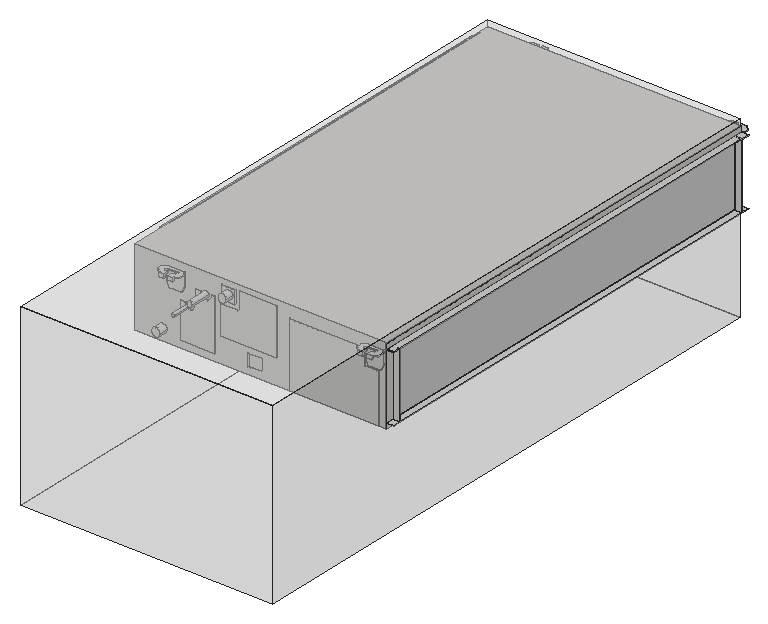
Revit family "outputfile", category 機械設備, Revit 2024
Family settings
  丸型コネクタ寸法 = 半径を使用
  パーツ タイプ = 標準
  OmniClass 番号 = 23.75.10.24.21.27.27
  OmniClass タイトル = Split System Air Conditioning Units
  作業面ベース = いいえ
  常に垂直 = はい
  ロード時にボイドで切り取り = いいえ
  注釈の向きを維持 = いいえ
  共有 = いいえ
  部屋計算ポイント = はい
Parameters (values of type "FXSA100AVM")
  製造元 = "Daikin"
  書き出し IFC クラス(タイプ) = "IfcUnitaryEquipmentType"
  定義済み IFC タイプ(タイプ) = "AIRCONDITIONINGUNIT"
  モデル = "FXSA100AVM"
  switch_frequency = yes
  r_Liquid Pipe Size = Liquid Pipe Size / 2  # 4.75 mm
  r_Gas Pipe Size = Gas Pipe Size / 2  # 7.95 mm
  r_Drain Pipe Size = Drain Pipe Size / 2  # 12.5 mm
  lw_power = 770.0 mm
  lh_SA = 138.0 mm
  lw_SA = if(Width = 550.0 mm, 225.0 mm, if(Width = 700.0 mm, 300.0 mm, if(Width = 1000.0 mm, 450.0 mm, if(Width = 1400.0 mm, 650.0 mm, 725.0 mm))))  # 650.0 mm
  lw_RA = if(Width = 550.0 mm, 275.0 mm, if(Width = 700.0 mm, 349.0 mm, if(Width = 1000.0 mm, 499.0 mm, if(Width = 1400.0 mm, 699.0 mm, 775.0 mm))))  # 699.0 mm
  lh_power = 60.0 mm + [h***]  # 60.0 mm
  lh_mountinghole1 = lh_mountinghole + [h***]  # 222.0 mm
  lh_RA = 123.0 mm
  ld_power = Width / 2  # 700.0 mm
  connector_voltage = Voltage_50Hz  # 220 V
  connector_powerinput = [Power Input (Cooling)]  # 0.151 kW
  connector_phase = Phase_50Hz  # 1
  Voltage_comment_60Hz = "220-230"
  Voltage_comment_50Hz = "220-240"
  Voltage_60Hz = 220 V
  Voltage_50Hz = 220 V
  Total Heating Capacity [instance] = 0.000 kW
  Supply Air Direction [instance] = yes
  Sound Power Level_H speed (dB) = 67
  Power Input (Heating) = 0.146 kW
  Phase_60Hz = 1
  Phase_50Hz = 1
  Nominal Heating Capacity = 12.500 kW
  Minimum External Static Pressure = 50.00 Pa
  Minimum Circuit Amps_60Hz = 2.5 A
  Minimum Circuit Amps_50Hz = 2.5 A
  Maximum Fuse Amps_60Hz = 16.0 A
  Maximum Fuse Amps_50Hz = 16.0 A
  Maximum External Static Pressure = 150.00 Pa
  Material_Casing = DAIKIN_GalvanizedSteel_Casing_indoorunit
  lw_mountinghole = 630.0 mm
  lh_gaspipe = 183.0 mm + [h***]  # 183.0 mm
  lh_mountinghole = 222.0 mm
  lh_liquidpipe = 136.0 mm + [h***]  # 136.0 mm
  lh_drainpipe = 207.0 mm + [h***]  # 207.0 mm
  lh_antena = Height - lh_mountinghole + 1.0 mm  # 24.0 mm
  ld_drainpipe = Width / 2 + 26.0 mm  # 726.0 mm
  ld_liquidpipe = 769.0 mm
  ld_gaspipe = Width / 2 + 65.0 mm  # 765.0 mm
  ld_mountinghole = Width + 38.0 mm  # 1438.0 mm
  h*** = 0.0 mm
  lw_liquidpipe = 179.0 mm
  lw_gaspipe = 229.0 mm
  lw_drainpipe = 300.0 mm
  Width = 1400.0 mm
  Version = "ver.1.0"
  Unit Type = "Duct_M.S.P."
  Unit Mass Weight = 46.00 kg
  Unit Designation [instance] = ""
  Uniclass2015Version = "Products v1.30"
  Uniclass2015Title = "Variable refrigerant flow units"
  Uniclass2015Code = "Pr_70_65_03_94"
  Total Cooling Capacity [instance] = 0.000 kW
  Sound Pressure Level_M speed (dBA) = 35
  Sound Pressure Level_L speed (dBA) = 32
  Sound Pressure Level_H speed (dBA) = 39
  Series = "VRV Fan Coil Unit"
  Sensible Cooling Capacity [instance] = 0.000 kW
  SA Duct Size Width = 1192.0 mm
  SA Duct Size Height = 176.0 mm
  Refrigerant Type = "R32"
  RA Duct Size Width = 1352.0 mm
  RA Duct Size Height = 208.0 mm
  Power Input (Cooling) = 0.151 kW
  Option Accessory 3 [instance] = ""
  Option Accessory 2 [instance] = ""
  Option Accessory 1 [instance] = ""
  Nominal Cooling Capacity = 11.200 kW
  Minimum Airflow = 1350.00 m³/h
  Median Airflow = 1620.00 m³/h
  Maximum Airflow = 1920.00 m³/h
  Load Classification = HVAC
  Liquid Pipe Size = 9.5 mm
  Link_Nested Family [instance] = ""
  IfcVersion = ""
  IfcExportType = "AIRCONDITIONINGUNIT"
  IfcExportAs = "IfcUnitaryEquipmentType"
  Height = 245.0 mm
  Heating Entering Wet Bulb Temperature [instance] = -273.15 °C
  Heating Entering Dry Bulb Temperature [instance] = -273.15 °C
  Heating Ambient Wet Bulb Temperature [instance] = -273.15 °C
  Heating Ambient Dry Bulb Temperature [instance] = -273.15 °C
  Heat Exchanger Type = "Cross Fin Coil"
  Gas Pipe Size = 15.9 mm
  Frequency_60Hz = 60 Hz
  Frequency_50Hz = 50 Hz
  Fan Type = "Sirocco Fan"
  Fan Drive = "Direct Drive"
  FCU Tag No. [instance] = ""
  Drain Pipe Size = 25.0 mm
  Design Supply Airflow [instance] = 0.00 m³/h
  Design Return Airflow [instance] = 0.00 m³/h
  Design External Static Pressure [instance] = 0.00 Pa
  Depth = 800.0 mm
  既定の高さ = 0.0 mm
  Cooling Entering Wet Bulb Temperature [instance] = 0.00 °C
  Cooling Entering Dry Bulb Temperature [instance] = 0.00 °C
  Cooling Ambient Wet Bulb Temperature [instance] = 0.00 °C
  Cooling Ambient Dry Bulb Temperature [instance] = 0.00 °C
  Clearance visibility [instance] = yes
  Clearance Top = 20.0 mm
  Clearance Right = 0.0 mm
  Clearance Rear = 0.0 mm
  Clearance Left = 0.0 mm
  Clearance Front = 450.0 mm
  Clearance Bottom = 300.0 mm
Reference planes
  plane 1 "Center (Front/Back)": y = 0
  plane 2 "h": z = 0
  plane 3 "Center (Left/Right)": x = 0
  plane 4 "Back": y = 700
  plane 5 "Front": y = -700
  plane 6 "Left": x = -400
  plane 7 "Right": x = 400
  plane 8 "Top": z = 0
  plane 9 "Bottom": z = -245
  plane 10: y = -215
  plane 11: y = 700
  plane 12: y = -1150
  plane 13: x = -400
  plane 14: x = 400
  plane 15: z = 20
  plane 16: z = -545
  plane 17: x = -400
  plane 18: x = -399
  plane 19: x = 399
  plane 20: y = 50
  plane 21: y = -1
  plane 22: z = -122
  plane 23: y = -701
  plane 24: z = -109
  plane 25: x = -221
  plane 26: y = -765
  plane 27: z = -62
  plane 28: x = -171
  plane 29: y = -726
  plane 30: z = -38
  plane 31: x = -100
  plane 32: x = -100
  plane 33: x = -221
  plane 34: x = -171
  plane 35: x = 370
  plane 36: x = -266
  plane 37: x = 364
  plane 38: y = -719
  plane 39: y = 719
  plane 40: z = -23
  plane 41: z = -107
  plane 42: y = -769
  plane 43: z = -207
  plane 44: x = -309
  plane 45: y = -376
  plane 46: x = -251
  plane 47: x = -203
  plane 48: x = -144
  plane 49: z = -59
  plane 50: z = -106
  plane 51: z = -221
  plane 52: z = -109
  plane 53: x = -221
  plane 54: z = -62
  plane 55: x = -171
  plane 56: z = -17
  plane 57: z = -59
  plane 58: x = -121
  plane 59: x = -79
  plane 60: x = -125
  plane 61: x = -64
  plane 62: x = 53
  plane 63: z = -164
  plane 64: z = -73
  plane 65: z = -16
  plane 66: x = 93.5
  plane 67: x = 374.5
  plane 68: x = 330
  plane 69: z = -88.5
  plane 70: z = -38
  plane 71: z = -242.5
  plane 72: x = -38.5
  plane 73: x = 6.5
  plane 74: z = -181
  plane 75: z = -221
  plane 76: y = -699
  plane 77: x = -424
  plane 78: x = 424
Forms (mm)
  Extrusion 1, solid, material "DAIKIN_GalvanizedSteel_Casing_indoorunit" <- "Material_Casing"
    sketch origin (0, 0, 0) x (1, 0, 0) y (0, 1, 0)
      loop
        line (-399, 700) -> (-399, -700) -> (399, -700) -> (399, 700) -> (-399, 700)
    from -245 to 0
  Extrusion 2, solid, material "DAIKIN_GalvanizedSteel_Casing_indoorunit" <- "Material_Casing"
    sketch origin (0, 0, 0) x (1, 0, 0) y (0, 0, 1)
      loop
        line (-251, -221) -> (-144, -221) -> (-144, -59) -> (-154.47, -59)
        arc (-154.47, -59) -> (-171, -78.8) -> (-187.53, -59) r 16.8
        line (-187.53, -59) -> (-203, -59) -> (-203, -106) -> (-206.916, -106)
        arc (-206.916, -106) -> (-221, -123.4) -> (-235.084, -106) r 14.4
        line (-235.084, -106) -> (-251, -106) -> (-251, -221)
    from 700 to 701
  Extrusion 3, solid, material "DAIKIN_GalvanizedSteel_Casing_indoorunit" <- "Material_Casing"
    sketch origin (0, 0, 0) x (1, 0, 0) y (0, 0, 1)
      loop
        line (-121, -17) -> (-121, -59) -> (-79, -59) -> (-79, -17) -> (-121, -17)
      loop
        line (-125, -73) -> (-125, -164) -> (53, -164) -> (53, -16) -> (-64, -16) -> (-64, -73) -> (-125, -73)
    from 700 to 701
  Extrusion 4, solid, material "DAIKIN_GalvanizedSteel_Casing_indoorunit" <- "Material_Casing"
    sketch origin (0, 0, 0) x (1, 0, 0) y (0, 0, 1)
      loop
        line (93.5, -38) -> (93.5, -242.5) -> (374.5, -242.5) -> (374.5, -88.5) -> (330, -88.5) -> (330, -38) -> (93.5, -38)
    from 700 to 701
  Extrusion 5, solid, material "DAIKIN_GalvanizedSteel_Casing_indoorunit" <- "Material_Casing"
    sketch origin (0, 0, 0) x (1, 0, 0) y (0, 0, 1)
      loop
        circle (-221, -109) r 4.75
    from 700 to 769
  Extrusion 6, solid, material "DAIKIN_GalvanizedSteel_Casing_indoorunit" <- "Material_Casing"
    sketch origin (0, 0, 0) x (1, 0, 0) y (0, 0, 1)
      loop
        circle (-171, -62) r 7.95
    from 700 to 765
  Extrusion 7, solid, material "DAIKIN_GalvanizedSteel_Casing_indoorunit" <- "Material_Casing"
    sketch origin (0, 0, 0) x (1, 0, 0) y (0, 0, 1)
      loop
        circle (-100, -38) r 12.5
    from 701 to 726
  Extrusion 8, solid, material "DAIKIN_GalvanizedSteel_Casing_indoorunit" <- "Material_Casing"
    sketch origin (0, 0, 0) x (1, 0, 0) y (0, 0, 1)
      loop
        circle (-309, -207) r 13
    from 700 to 726
  Extrusion 9, void
    sketch origin (0, 0, 0) x (1, 0, 0) y (0, 0, 1)
      loop
        line (-38.5, -181) -> (-38.5, -221) -> (6.5, -221) -> (6.5, -181) -> (-38.5, -181)
    from 699 to 700
Cuts and joins
  Extrusion 9 cuts Extrusion 1
Dimensions and locks
  "Height": plane 8 "Top" to plane 9 "Bottom"
  equal spacing: plane 4 "Back", plane 1 "Center (Front/Back)", plane 5 "Front"
  "Width": plane 4 "Back" to plane 5 "Front"
  equal spacing: plane 6 "Left", plane 3 "Center (Left/Right)", plane 7 "Right"
  "Depth": plane 6 "Left" to plane 7 "Right"
  "Clearance Left": plane 13 to plane 6 "Left"
  "Clearance Right": plane 7 "Right" to plane 14
  "Clearance Rear": plane 11 to plane 4 "Back"
  "Clearance Front": plane 5 "Front" to plane 12
  "Clearance Top": plane 15 to plane 8 "Top"
  "Clearance Bottom": plane 9 "Bottom" to plane 16
  locked: plane 17 to plane 18 at 1
  locked: plane 19 to plane 14 at 1
  "lw_SA": plane 11 to plane 20
  "lw_RA": plane 21 to plane 5 "Front"
  "lh_RA": plane 22 to plane 9 "Bottom"
  locked: plane 5 "Front" to plane 23 at 1
  "lw_liquidpipe": plane 25 to plane 6 "Left"
  "lh_liquidpipe": plane 24 to plane 9 "Bottom"
  "lh_gaspipe": plane 27 to plane 9 "Bottom"
  "lw_gaspipe": plane 28 to plane 6 "Left"
  "ld_gaspipe": plane 26 to plane 1 "Center (Front/Back)"
  "ld_drainpipe": plane 29 to plane 1 "Center (Front/Back)"
  "lh_drainpipe": plane 30 to plane 9 "Bottom"
  "lw_drainpipe": plane 31 to plane 6 "Left"
  "lw_drainpipe": plane 6 "Left" to plane 32
  "lw_liquidpipe": plane 6 "Left" to plane 33
  "lw_gaspipe": plane 6 "Left" to plane 34
  "lw_power": plane 6 "Left" to plane 35
  locked: plane 17 to plane 36 at 134
  "lw_mountinghole": plane 36 to plane 37
  equal spacing: plane 38, plane 1 "Center (Front/Back)", plane 39
  "ld_mountinghole": plane 39 to plane 38
  "lh_mountinghole": plane 40 to plane 9 "Bottom"
  "lh_SA": plane 41 to plane 9 "Bottom"
  locked: plane 44 to plane 6 "Left" at 91
  locked: plane 43 to plane 9 "Bottom" at 38
  plane 48 to plane 47 to plane 46 to plane 6 "Left" = 59.0 mm, 48.0 mm, 149.0 mm
  plane 8 "Top" to plane 49 to plane 50 to plane 51 = 59.0 mm locked, 47.0 mm locked, 115.0 mm locked
  plane 55 to plane 53 to plane 6 "Left" = 50.0 mm locked, 179.0 mm locked
  plane 54 to plane 52 to plane 9 "Bottom" = 47.0 mm locked, 136.0 mm locked
  plane 59 to plane 58 to plane 6 "Left" = 42.0 mm locked, 279.0 mm locked
  plane 8 "Top" to plane 56 to plane 57 = 17.0 mm locked, 42.0 mm locked
  plane 62 to plane 61 to plane 60 to plane 6 "Left" = 117.0 mm, 61.0 mm, 275.0 mm
  plane 8 "Top" to plane 65 to plane 64 = 16.0 mm locked, 57.0 mm locked
  locked: plane 65 to plane 63 at 148
  plane 8 "Top" to plane 70 to plane 69 to plane 71 = 38.0 mm locked, 50.5 mm locked, 154.0 mm locked
  plane 67 to plane 68 to plane 66 to plane 6 "Left" = 44.5 mm locked, 236.5 mm locked, 493.5 mm locked
  plane 8 "Top" to plane 74 to plane 75 = 181.0 mm locked, 40.0 mm locked
  plane 73 to plane 72 to plane 6 "Left" = 45.0 mm, 361.5 mm
  locked: plane 76 to plane 5 "Front" at 1
  locked: plane 77 to plane 17 at 24
  locked: plane 14 to plane 78 at 24
  "ld_liquidpipe": plane 42 to plane 1 "Center (Front/Back)"
  "r_Liquid Pipe Size": radius of Extrusion 5 sketch curve
  "r_Gas Pipe Size": radius of Extrusion 6 sketch curve
  "r_Drain Pipe Size": radius of Extrusion 7 sketch curve
  aligned and locked: level to plane 2 "h"
  aligned and locked: plane 8 "Top" to Extrusion 1
  aligned and locked: Extrusion 1 to plane 9 "Bottom"
  aligned and locked: nested 5 to plane 12
  aligned and locked: plane 13 to nested 5
  aligned and locked: plane 14 to nested 5
  aligned and locked: nested 5 to plane 13
  aligned and locked: plane 11 to nested 5
  aligned and locked: plane 15 to nested 5
  aligned and locked: plane 16 to nested 5
  aligned and locked: plane 5 "Front" to Extrusion 1 sketch curve
  aligned and locked: Extrusion 1 to plane 18
  aligned and locked: plane 19 to Extrusion 1
  aligned and locked: nested 7 to plane 18
  aligned and locked: nested 7 to plane 20
  aligned and locked: plane 19 to nested 8
  aligned and locked: plane 21 to nested 8
  aligned and locked: plane 22 to nested 8
  aligned and locked: Extrusion 2 to plane 23
  aligned and locked: plane 5 "Front" to Extrusion 2
  aligned and locked: Extrusion 3 to plane 23
  aligned and locked: plane 5 "Front" to Extrusion 3
  aligned and locked: plane 5 "Front" to Extrusion 4
  aligned and locked: Extrusion 5 sketch curve to plane 25
  aligned and locked: plane 24 to Extrusion 5 sketch curve
  aligned and locked: plane 5 "Front" to Extrusion 5
  aligned and locked: Extrusion 6 sketch curve to plane 28
  aligned and locked: plane 27 to Extrusion 6 sketch curve
  aligned and locked: plane 5 "Front" to Extrusion 6
  aligned and locked: Extrusion 7 sketch curve to plane 31
  aligned and locked: Extrusion 7 sketch curve to plane 30
  aligned and locked: Extrusion 7 to plane 29
  aligned and locked: plane 23 to Extrusion 7
  aligned and locked: nested 3 to plane 29
  aligned and locked: nested 3 to plane 32
  aligned and locked: nested 2 to plane 33
  aligned and locked: nested 1 to plane 34
  aligned and locked: Extrusion 6 to plane 26
  aligned and locked: nested 1 to plane 26
  aligned and locked: nested 6 to plane 5 "Front"
  aligned and locked: nested 6 to plane 35
  aligned and locked: plane 36 to nested 10
  aligned and locked: nested 10 to plane 5 "Front"
  aligned and locked: plane 37 to nested 9
  aligned and locked: nested 9 to plane 5 "Front"
  aligned and locked: nested 11 to plane 36
  aligned and locked: plane 4 "Back" to nested 11
  aligned and locked: nested 12 to plane 37
  aligned and locked: plane 4 "Back" to nested 12
  aligned and locked: plane 40 to nested 10
  aligned and locked: plane 40 to nested 11
  aligned and locked: plane 40 to nested 9
  aligned and locked: plane 40 to nested 12
  aligned and locked: plane 36 to nested 14
  aligned and locked: nested 14 to plane 39
  aligned and locked: plane 37 to nested 13
  aligned and locked: nested 13 to plane 39
  aligned and locked: plane 37 to nested 16
  aligned and locked: plane 38 to nested 16
  aligned and locked: plane 38 to nested 15
  aligned and locked: plane 36 to nested 15
  aligned and locked: plane 17 to plane 6 "Left"
  aligned and locked: plane 41 to nested 7
  aligned and locked: Extrusion 5 to plane 42
  aligned and locked: nested 2 to plane 42
  aligned and locked: Extrusion 8 sketch curve to plane 44
  aligned and locked: plane 43 to Extrusion 8 sketch curve
  aligned and locked: plane 5 "Front" to Extrusion 8
  aligned and locked: Extrusion 3 sketch curve to plane 56
  aligned and locked: Extrusion 3 sketch curve to plane 58
  aligned and locked: plane 57 to Extrusion 3 sketch curve
  aligned and locked: plane 59 to Extrusion 3 sketch curve
  aligned and locked: Extrusion 4 to plane 23
  aligned and locked: Extrusion 9 sketch curve to plane 74
  aligned and locked: plane 75 to Extrusion 9 sketch curve
  aligned and locked: plane 73 to Extrusion 9 sketch curve
  aligned and locked: plane 5 "Front" to Extrusion 9
  aligned and locked: plane 76 to Extrusion 9
  aligned and locked: nested 17 to plane 20
  aligned and locked: nested 17 to plane 77
  aligned and locked: plane 21 to nested 18
  aligned and locked: plane 78 to nested 18
  aligned and locked: plane 41 to nested 17
  aligned and locked: nested 18 to plane 22
  aligned and locked: nested 4 to plane 3 "Center (Left/Right)"
  aligned and locked: plane 1 "Center (Front/Back)" to nested 4
  aligned and locked: level to plane 8 "Top"
  aligned and locked: Extrusion 8 to plane 29
Automatic sketch dimensions
  plane 6 "Left" to Extrusion 1 sketch curve = 1.0 mm
  Extrusion 1 sketch curve to plane 7 "Right" = 1.0 mm
  Extrusion 1 sketch curve to plane 4 "Back" = 0.0 mm
  Extrusion 2 sketch curve to plane 46 = 0.0 mm
  Extrusion 2 sketch curve to plane 33 = 0.0 mm
  Extrusion 2 sketch curve to plane 47 = 0.0 mm
  Extrusion 2 sketch curve to plane 34 = 0.0 mm
  Extrusion 2 sketch curve to plane 48 = 0.0 mm
  Extrusion 2 sketch curve to plane 51 = 0.0 mm
  Extrusion 2 sketch curve to plane 52 = 0.0 mm
  Extrusion 2 sketch curve to plane 50 = 0.0 mm  (x3)
  Extrusion 2 sketch curve to plane 54 = 0.0 mm
  Extrusion 2 sketch curve to plane 49 = 0.0 mm  (x3)
  plane 33 to Extrusion 2 sketch curve = 14.084 mm
  plane 34 to Extrusion 2 sketch curve = 16.53 mm
  Extrusion 3 sketch curve to plane 60 = 0.0 mm
  Extrusion 3 sketch curve to plane 61 = 0.0 mm
  Extrusion 3 sketch curve to plane 62 = 0.0 mm
  Extrusion 3 sketch curve to plane 63 = 0.0 mm
  Extrusion 3 sketch curve to plane 64 = 0.0 mm
  Extrusion 3 sketch curve to plane 65 = 0.0 mm
  Extrusion 4 sketch curve to plane 66 = 0.0 mm
  Extrusion 4 sketch curve to plane 68 = 0.0 mm
  Extrusion 4 sketch curve to plane 67 = 0.0 mm
  Extrusion 4 sketch curve to plane 71 = 0.0 mm
  Extrusion 4 sketch curve to plane 69 = 0.0 mm
  Extrusion 4 sketch curve to plane 70 = 0.0 mm
  Extrusion 9 sketch curve to plane 72 = 0.0 mm
  radius of Extrusion 8 sketch curve = 13.0 mm
Nested families
  nested 1: "daikin_connector_rotate2" at (-171, 0, -62), length <- "ld_gaspipe", built-in parameter 1001364 <- "lh_gaspipe", radius <- "r_Gas Pipe Size", type "daikin_connector_rotate2"
    with radius 7.95 mm, length 765.0 mm, angle_vertical 90.00°
  nested 2: "daikin_connector_rotate2" at (-221, 0, -109), length <- "ld_liquidpipe", built-in parameter 1001364 <- "lh_liquidpipe", radius <- "r_Liquid Pipe Size", type "daikin_connector_rotate2"
    with radius 4.75 mm, length 769.0 mm, angle_vertical 90.00°
  nested 3: "daikin_connector_rotate2" at (-100, 0, -38), length <- "ld_drainpipe", built-in parameter 1001364 <- "lh_drainpipe", radius <- "r_Drain Pipe Size", type "daikin_connector_rotate2"
    with radius 12.5 mm, length 726.0 mm, angle_vertical 90.00°
  nested 4: "daikin_△_symbolicline" at (0, 0, 245) x (0, -1, 0) z (0, 0, 1), built-in parameter 1001364 <- "Height", visible <- "Supply Air Direction", type "daikin_△_symbolicline"
    with length 200.0 mm
  nested 5: "daikin_clearancespace" at (0, -225, -262.381), visible <- "Clearance visibility", show <- "Clearance visibility", Link_Nested Family <- "Link_Nested Family", type "daikin_clearancespace"
    with width 800.0 mm, show yes, height 565.0 mm, depth 1850.0 mm, Link_Nested Family ""
  nested 6: "daikin_connector_rotate2" at (370, 0, -185), built-in parameter 1001364 <- "lh_power", length <- "ld_power", type "daikin_connector_rotate2"
    with radius 10.0 mm, length 700.0 mm, angle_vertical 90.00°
  nested 7: "daikin_ductflange_FXSA-AVM2" at (-399, 50, -107) x (0, -1, 0) z (0, 0, 1), type "daikin_ductflange_FXSA-AVM2"
    with width 1192.0 mm, w 1400.0 mm
  nested 8: "daikin_ductflange_FXSA-AVM" at (399, -1, -122) x (0, 1, 0) z (0, 0, 1), type "daikin_ductflange_FXSA-AVM"
    with width 1352.0 mm, lw 25.0 mm, w 1400.0 mm
  nested 9: "FXFSA-AVM" at (364, -700, -23), type "daikin_hangerfixture_FXFSA-AVM"
  nested 10: "FXFSA-AVM" at (-266, -700, -23), type "daikin_hangerfixture_FXFSA-AVM"
  nested 11: "FXFSA-AVM" at (-266, 700, -23) x (-1, 0, 0) z (0, 0, 1), type "daikin_hangerfixture_FXFSA-AVM"
  nested 12: "FXFSA-AVM" at (364, 700, -23) x (-1, 0, 0) z (0, 0, 1), type "daikin_hangerfixture_FXFSA-AVM"
  nested 13: "daikin_mountinghole" at (364, 719, -245), h_mountinghole <- "lh_mountinghole1", l_antenna <- "lh_antena", Link_Nested Family <- "Link_Nested Family", type "daikin_mountinghole"
    with show yes, l_antenna 24.0 mm, h_mountinghole 222.0 mm, Link_Nested Family ""
  nested 14: "daikin_mountinghole" at (-266, 719, -245), h_mountinghole <- "lh_mountinghole1", l_antenna <- "lh_antena", Link_Nested Family <- "Link_Nested Family", type "daikin_mountinghole"
    with show yes, l_antenna 24.0 mm, h_mountinghole 222.0 mm, Link_Nested Family ""
  nested 15: "daikin_mountinghole" at (-266, -719, -245), h_mountinghole <- "lh_mountinghole1", l_antenna <- "lh_antena", Link_Nested Family <- "Link_Nested Family", type "daikin_mountinghole"
    with show yes, l_antenna 24.0 mm, h_mountinghole 222.0 mm, Link_Nested Family ""
  nested 16: "daikin_mountinghole" at (364, -719, -245), h_mountinghole <- "lh_mountinghole1", l_antenna <- "lh_antena", Link_Nested Family <- "Link_Nested Family", type "daikin_mountinghole"
    with show yes, l_antenna 24.0 mm, h_mountinghole 222.0 mm, Link_Nested Family ""
  nested 17: "daikin_connector_rotate2" at (-400, 50, -107) x (0, -1, 0) z (0, 0, 1), type "daikin_connector_rotate2"
    with radius 10.0 mm, length 24.0 mm, angle_vertical 90.00°
  nested 18: "daikin_connector_rotate2" at (400, -1, -122) x (0, 1, 0) z (0, 0, 1), type "daikin_connector_rotate2"
    with radius 10.0 mm, length 24.0 mm, angle_vertical 90.00°
Connectors
  piping at (-100, -726, -38), diameter 25, driven by "r_Drain Pipe Size"
    settings: on nested 3, index 3, connector inside diameter 609.6 mm, connector length 0.0 mm, flow factor 0, pipe flow 0.00 m³/h, pressure drop 0.0 Pa, fitting loss kfactor 0, connector angle 0.00°, fixture units 0, engagement length 0.0 mm, angle of deflection 0.00°, flow configuration 1, flow direction 2, fitting loss method 4, system type 16, joint type 0, gender type 0, connector reference index -1, connector utility 0, adjustable connector no, is connector primary yes, connector description "Condensate Drain Piping"
  piping at (-171, -765, -62), diameter 15.9, driven by "r_Gas Pipe Size"
    settings: on nested 1, index 4, connector inside diameter 609.6 mm, connector length 0.0 mm, flow factor 0, pipe flow 0.00 m³/h, pressure drop 0.0 Pa, fitting loss kfactor 0, connector angle 0.00°, fixture units 0, engagement length 0.0 mm, angle of deflection 0.00°, flow configuration 1, flow direction 2, fitting loss method 0, system type 29, joint type 0, gender type 0, connector reference index -1, connector utility 0, adjustable connector no, is connector primary no, connector description "Refrigerant Gas Piping"
  piping at (-221, -769, -109), diameter 9.5, driven by "r_Liquid Pipe Size"
    settings: on nested 2, index 5, connector inside diameter 609.6 mm, connector length 0.0 mm, flow factor 0, pipe flow 0.00 m³/h, pressure drop 0.0 Pa, fitting loss kfactor 0, connector angle 0.00°, fixture units 0, engagement length 0.0 mm, angle of deflection 0.00°, flow configuration 1, flow direction 1, fitting loss method 0, system type 29, joint type 0, gender type 0, connector reference index -1, connector utility 0, adjustable connector no, is connector primary no, connector description "Refrigerant Liquid Piping"
  electrical at (370, -700, -185), driven by "Load Classification", driven by "connector_voltage", driven by "connector_phase", driven by "connector_powerinput"
    settings: on nested 6, index 6, voltage 220 V, apparent load 151 VA, apparent load phase1 0 VA, apparent load phase2 0 VA, apparent load phase3 0 VA, power factor 1, load classification "HVAC", number of poles 1, system type 30, power factor state 1, is connector primary yes, connector utility no, sub classification motor no, connector description "Power Supply"
  hvac at (-424, 50, -107), driven by "SA Duct Size Height", driven by "SA Duct Size Width"
    settings: on nested 17, index 7, duct flow 0.00 m³/h, flow factor 0, pres drop 0.00 Pa, loss coef 0, conn angle 0.00°, conn width 1192.0 mm, conn height 176.0 mm, conn diameter 609.6 mm, duct sys type 1, conn prof type 1, flow config 0, flow direction 2, loss method 4, conn ref index -1, conn util no, is conn primary yes, conn desc "SA Duct"
  hvac at (424, -1, -122), driven by "RA Duct Size Height", driven by "RA Duct Size Width"
    settings: on nested 18, index 8, duct flow 0.00 m³/h, flow factor 0, pres drop 0.00 Pa, loss coef 0, conn angle 0.00°, conn width 1352.0 mm, conn height 208.0 mm, conn diameter 609.6 mm, duct sys type 2, conn prof type 1, flow config 0, flow direction 1, loss method 4, conn ref index -1, conn util no, is conn primary no, conn desc "RA Duct"
Definition of nested family "daikin_clearancespace"
  Parameters (values of type "daikin_clearancespace")
    Description = "daikin_clearancespace"
    width [instance] = 1823.963 mm
    show [instance] = yes
    material = none
    height [instance] = 1359.762 mm
    depth [instance] = 880.0 mm
    Default Elevation = 0.0 mm
    Link_Nested Family [instance] = ""
  Reference planes
    plane 1 "Center (Front/Back)": y = 0
    plane 2 "Center (Elevation)": z = -0.119
    plane 3 "Center (Left/Right)": x = 0
    plane 4: y = 440
    plane 5: y = -440
    plane 6 "Right": x = 911.982
    plane 7 "Left": x = -911.982
    plane 8 "Top": z = 679.762
    plane 9 "Bottom": z = -680
  Forms (mm)
    Extrusion 1, solid, material <- "material", visible <- "show"
      sketch origin (0, 0, 0) x (1, 0, 0) y (0, 1, 0)
        loop
          line (-911.982, 440) -> (-911.982, -440) -> (911.982, -440) -> (911.982, 440) -> (-911.982, 440)
      from -680 to 679.762
  Lines and regions (mm)
    symbolic lines, visible <- "show"
      curve 1: line (911.982, 440, 0) -> (-911.982, 440, 0)
      curve 2: line (-911.982, 440, 0) -> (-911.982, -440, 0)
      curve 3: line (-911.982, -440, 0) -> (911.982, -440, 0)
      curve 4: line (911.982, -440, 0) -> (911.982, 440, 0)
      curve 5: line (911.982, 0, 679.762) -> (-911.982, 0, 679.762)
      curve 6: line (911.982, 0, -680) -> (911.982, 0, 679.762)
      curve 7: line (-911.982, 0, -680) -> (911.982, 0, -680)
      curve 8: line (-911.982, 0, 679.762) -> (-911.982, 0, -680)
      curve 9: line (0, 440, 679.762) -> (0, -440, 679.762)
      curve 10: line (0, -440, 679.762) -> (0, -440, -680)
      curve 11: line (0, 440, -680) -> (0, 440, 679.762)
      curve 12: line (0, -440, -680) -> (0, 440, -680)
  Dimensions and locks
    "width": plane 7 "Left" to plane 6 "Right"
    "depth": plane 4 to plane 5
    "height": plane 8 "Top" to plane 9 "Bottom"
    equal spacing: plane 7 "Left", plane 3 "Center (Left/Right)", plane 6 "Right"
    equal spacing: plane 4, plane 1 "Center (Front/Back)", plane 5
    equal spacing: plane 8 "Top", plane 2 "Center (Elevation)", plane 9 "Bottom"
    aligned and locked: level to plane 2 "Center (Elevation)"
    aligned and locked: Extrusion 1 sketch curve to plane 4
    aligned and locked: plane 7 "Left" to Extrusion 1 sketch curve
    aligned and locked: Extrusion 1 sketch curve to plane 5
    aligned and locked: Extrusion 1 sketch curve to plane 6 "Right"
    aligned and locked: plane 8 "Top" to Extrusion 1
    aligned and locked: curve 1 to Extrusion 1
    aligned and locked: curve 2 to Extrusion 1
    aligned and locked: curve 3 to Extrusion 1
    aligned and locked: curve 4 to Extrusion 1
    aligned and locked: curve 5 to Extrusion 1
    aligned and locked: curve 6 to Extrusion 1
    aligned and locked: curve 7 to Extrusion 1
    aligned and locked: curve 8 to Extrusion 1
    aligned and locked: curve 9 to Extrusion 1
    aligned and locked: curve 10 to Extrusion 1
    aligned and locked: curve 11 to Extrusion 1
    aligned and locked: curve 12 to Extrusion 1
    aligned and locked: Extrusion 1 to plane 9 "Bottom"
Definition of nested family "daikin_ductflange_FXSA-AVM2"
  Parameters (values of type "daikin_ductflange_FBA-BVMA2")
    width = if(w = 550.0 mm, 337.0 mm, if(w = 700.0 mm, 492.0 mm, if(w = 1000.0 mm, 792.0 mm, if(w = 1400.0 mm, 1192.0 mm, 1337.0 mm))))  # 492.0 mm
    w1 = if(w = 550.0 mm, 24.0 mm, if(w = 700.0 mm, 21.5 mm, if(w = 1000.0 mm, 21.5 mm, if(w = 1400.0 mm, 21.5 mm, 24.0 mm))))  # 21.5 mm
    material = none
    height = 215.0 mm
    depth = 1.0 mm
    w = 700.0 mm
    Default Elevation = 0.0 mm
  Reference planes
    plane 1 "Center (Front/Back)": y = 0
    plane 2: z = 0
    plane 3 "Center (Left/Right)": x = 0
    plane 4: z = 88
    plane 5: z = -88
    plane 6: y = -25
    plane 7: z = 106
    plane 8: z = 89
    plane 9: y = -1
    plane 10: x = -267.5
    plane 11: x = 267.5
    plane 12: z = -106
    plane 13: z = -89
    plane 14: y = -1
    plane 15: x = 246
    plane 16: x = -246
    plane 17: x = 247
    plane 18: z = 87
    plane 19: z = -87
    plane 20: x = -247
    plane 21: z = 87
    plane 22: z = -87
    plane 23: y = -1
  Forms (mm)
    Extrusion 1, solid, material <- "material"
      sketch origin (0, 0, 0) x (0, 1, 0) y (0, 0, 1)
        loop
          line (-25, 88) -> (0, 88) -> (0, 106) -> (-1, 106) -> (-1, 89) -> (-25, 89) -> (-25, 88)
      from -267.5 to 267.5
    Extrusion 2, solid, material <- "material"
      sketch origin (0, 0, 0) x (0, 1, 0) y (0, 0, 1)
        loop
          line (-25, -88) -> (-25, -89) -> (-1, -89) -> (-1, -106) -> (0, -106) -> (0, -88) -> (-25, -88)
      from -267.5 to 267.5
    Extrusion 3, solid, material <- "material"
      sketch origin (0, 0, 0) x (1, 0, 0) y (0, 0, 1)
        loop
          line (246, 88) -> (246, -88) -> (267.5, -88) -> (267.5, -87) -> (247, -87) -> (247, 87) -> (267.5, 87) -> (267.5, 88) -> (246, 88)
      from 0 to 25
    Extrusion 4, solid, material <- "material"
      sketch origin (0, 0, 0) x (1, 0, 0) y (0, 0, 1)
        loop
          line (-267.5, 88) -> (-267.5, 87) -> (-247, 87) -> (-247, -87) -> (-267.5, -87) -> (-267.5, -88) -> (-246, -88) -> (-246, 88) -> (-267.5, 88)
      from 0 to 25
    Extrusion 5, solid, material <- "material"
      sketch origin (0, 0, 0) x (1, 0, 0) y (0, 0, 1)
        loop
          line (-267.5, 88) -> (-267.5, -88) -> (-246, -88) -> (-246, 88) -> (-267.5, 88)
        loop
          line (267.5, 88) -> (246, 88) -> (246, -88) -> (267.5, -88) -> (267.5, 88)
      from 0 to 1
  Cuts and joins
    joined: Extrusion 1, Extrusion 2, Extrusion 3, Extrusion 4, Extrusion 5
  Dimensions and locks
    plane 4 to level to plane 5 = 88.0 mm, 88.0 mm
    locked: plane 6 to plane 1 "Center (Front/Back)" at 25
    locked: plane 9 to plane 1 "Center (Front/Back)" at 1
    locked: plane 8 to plane 4 at 1
    "w1": plane 16 to plane 10
    locked: plane 17 to plane 15 at 1
    locked: plane 4 to plane 18 at 1
    locked: plane 19 to plane 5 at 1
    "width": plane 15 to plane 16
    plane 4 to plane 5 = 176.0 mm
    locked: plane 16 to plane 20 at 1
    locked: plane 4 to plane 21 at 1
    locked: plane 22 to plane 5 at 1
    locked: plane 23 to plane 1 "Center (Front/Back)" at 1
    plane 4 to level to plane 5 = 88.0 mm locked, 88.0 mm locked
    locked: plane 5 to plane 13 at 1
    locked: plane 5 to plane 12 at 18
    locked: plane 7 to plane 4 at 18
    equal spacing: plane 15, plane 3 "Center (Left/Right)", plane 16
    "w1": plane 11 to plane 15
    plane 11 to plane 10 = 535.0 mm
    aligned and locked: level to plane 2
    aligned and locked: Extrusion 1 to plane 10
    aligned and locked: plane 11 to Extrusion 1
    aligned and locked: plane 5 to Extrusion 2
    aligned and locked: Extrusion 2 to plane 1 "Center (Front/Back)"
    aligned and locked: plane 15 to Extrusion 3 sketch curve
    aligned and locked: Extrusion 3 sketch curve to Extrusion 2  (x2)
    aligned and locked: Extrusion 3 sketch curve to plane 11
    aligned and locked: plane 6 to Extrusion 3
    aligned and locked: Extrusion 2 to plane 10
    aligned and locked: plane 11 to Extrusion 2
    aligned and locked: Extrusion 4 sketch curve to Extrusion 1  (x2)
    aligned and locked: plane 5 to Extrusion 4 sketch curve
    aligned and locked: Extrusion 4 sketch curve to plane 16
    aligned and locked: Extrusion 4 sketch curve to plane 22
    aligned and locked: plane 20 to Extrusion 4 sketch curve
    aligned and locked: plane 21 to Extrusion 4 sketch curve
    aligned and locked: Extrusion 4 to plane 1 "Center (Front/Back)"
    aligned and locked: plane 6 to Extrusion 4
    aligned and locked: Extrusion 5 sketch curve to Extrusion 1  (x4)
    aligned and locked: Extrusion 5 sketch curve to Extrusion 4  (x2)
    aligned and locked: Extrusion 5 sketch curve to Extrusion 3  (x2)
    aligned and locked: Extrusion 5 to plane 1 "Center (Front/Back)"
    aligned and locked: plane 23 to Extrusion 5
  Automatic sketch dimensions
    Extrusion 1 sketch curve to plane 6 = 0.0 mm
    Extrusion 1 sketch curve to plane 7 = 0.0 mm
    Extrusion 1 sketch curve to plane 9 = 0.0 mm
    Extrusion 1 sketch curve to plane 1 "Center (Front/Back)" = 0.0 mm
    Extrusion 1 sketch curve to plane 4 = 0.0 mm
    Extrusion 1 sketch curve to plane 8 = 0.0 mm
    Extrusion 2 sketch curve to plane 6 = 0.0 mm
    plane 12 to Extrusion 2 sketch curve = 0.0 mm
    Extrusion 2 sketch curve to plane 14 = 0.0 mm
    Extrusion 2 sketch curve to plane 1 "Center (Front/Back)" = 0.0 mm
    plane 13 to Extrusion 2 sketch curve = 0.0 mm
    Extrusion 2 sketch curve to plane 5 = 0.0 mm
    Extrusion 3 sketch curve to plane 17 = 0.0 mm
    Extrusion 3 sketch curve to plane 19 = 0.0 mm
    Extrusion 3 sketch curve to plane 18 = 0.0 mm
    Extrusion 3 sketch curve to plane 4 = 0.0 mm
    Extrusion 4 sketch curve to plane 10 = 0.0 mm
Definition of nested family "daikin_ductflange_FXSA-AVM"
  Parameters (values of type "daikin_ductflange_FBFC-DVMG")
    width = if(w = 550.0 mm, 502.0 mm, if(w = 700.0 mm, 654.0 mm, if(w = 1000.0 mm, 952.0 mm, if(w = 1400.0 mm, 1352.0 mm, 1502.0 mm))))  # 654.0 mm
    material = none
    lw = if(width = 654.0 mm, 23.0 mm, 25.0 mm)  # 23.0 mm
    height = 208.0 mm
    depth = 1.0 mm
    w = 700.0 mm
    Default Elevation = 0.0 mm
  Reference planes
    plane 1 "Center (Front/Back)": y = 0
    plane 2: z = 0
    plane 3 "Center (Left/Right)": x = 0
    plane 4: z = 104
    plane 5: z = -104
    plane 6: y = -25
    plane 7: z = 121
    plane 8: z = 105
    plane 9: y = -1
    plane 10: x = -350
    plane 11: x = 350
    plane 12: z = -122
    plane 13: z = -105
    plane 14: y = -1
    plane 15: x = 327
    plane 16: x = -327
    plane 17: x = 328
    plane 18: z = 103
    plane 19: z = -103
    plane 20: x = -328
    plane 21: z = 103
    plane 22: z = -103
    plane 23: y = -1
  Forms (mm)
    Extrusion 1, solid, material <- "material"
      sketch origin (0, 0, 0) x (0, 1, 0) y (0, 0, 1)
        loop
          line (-25, 104) -> (0, 104) -> (0, 121) -> (-1, 121) -> (-1, 105) -> (-25, 105) -> (-25, 104)
      from -350 to 350
    Extrusion 2, solid, material <- "material"
      sketch origin (0, 0, 0) x (0, 1, 0) y (0, 0, 1)
        loop
          line (-25, -104) -> (-25, -105) -> (-1, -105) -> (-1, -122) -> (0, -122) -> (0, -104) -> (-25, -104)
      from -350 to 350
    Extrusion 3, solid, material <- "material"
      sketch origin (0, 0, 0) x (1, 0, 0) y (0, 0, 1)
        loop
          line (327, 104) -> (327, -104) -> (350, -104) -> (350, -103) -> (328, -103) -> (328, 103) -> (350, 103) -> (350, 104) -> (327, 104)
      from 0 to 25
    Extrusion 4, solid, material <- "material"
      sketch origin (0, 0, 0) x (1, 0, 0) y (0, 0, 1)
        loop
          line (-350, 104) -> (-350, 103) -> (-328, 103) -> (-328, -103) -> (-350, -103) -> (-350, -104) -> (-327, -104) -> (-327, 104) -> (-350, 104)
      from 0 to 25
    Extrusion 5, solid, material <- "material"
      sketch origin (0, 0, 0) x (1, 0, 0) y (0, 0, 1)
        loop
          line (-350, 104) -> (-350, -104) -> (-327, -104) -> (-327, 104) -> (-350, 104)
        loop
          line (350, 104) -> (327, 104) -> (327, -104) -> (350, -104) -> (350, 104)
      from 0 to 1
  Cuts and joins
    joined: Extrusion 1, Extrusion 2, Extrusion 3, Extrusion 4, Extrusion 5
  Dimensions and locks
    plane 4 to level to plane 5 = 104.0 mm, 104.0 mm
    locked: plane 6 to plane 1 "Center (Front/Back)" at 25
    locked: plane 9 to plane 1 "Center (Front/Back)" at 1
    locked: plane 8 to plane 4 at 1
    "lw": plane 11 to plane 15
    "lw": plane 16 to plane 10
    locked: plane 17 to plane 15 at 1
    locked: plane 4 to plane 18 at 1
    locked: plane 19 to plane 5 at 1
    "width": plane 15 to plane 16
    equal spacing: plane 15, plane 3 "Center (Left/Right)", plane 16
    locked: plane 16 to plane 20 at 1
    locked: plane 4 to plane 21 at 1
    locked: plane 22 to plane 5 at 1
    locked: plane 23 to plane 1 "Center (Front/Back)" at 1
    locked: plane 7 to plane 4 at 17
    locked: plane 1 "Center (Front/Back)" to plane 14 at 1
    locked: plane 5 to plane 13 at 1
    "height": plane 4 to plane 5
    plane 11 to plane 10 = 700.0 mm
    locked: plane 12 to plane 13 at 17
    equal spacing: plane 4, level, plane 5
    aligned and locked: level to plane 2
    aligned and locked: Extrusion 1 to plane 10
    aligned and locked: plane 11 to Extrusion 1
    aligned and locked: plane 5 to Extrusion 2
    aligned and locked: Extrusion 2 to plane 1 "Center (Front/Back)"
    aligned and locked: plane 15 to Extrusion 3 sketch curve
    aligned and locked: Extrusion 3 sketch curve to Extrusion 2  (x2)
    aligned and locked: Extrusion 3 sketch curve to plane 11
    aligned and locked: plane 6 to Extrusion 3
    aligned and locked: Extrusion 2 to plane 10
    aligned and locked: plane 11 to Extrusion 2
    aligned and locked: Extrusion 4 sketch curve to Extrusion 1  (x2)
    aligned and locked: plane 5 to Extrusion 4 sketch curve
    aligned and locked: Extrusion 4 sketch curve to plane 16
    aligned and locked: Extrusion 4 sketch curve to plane 22
    aligned and locked: plane 20 to Extrusion 4 sketch curve
    aligned and locked: plane 21 to Extrusion 4 sketch curve
    aligned and locked: Extrusion 4 to plane 1 "Center (Front/Back)"
    aligned and locked: plane 6 to Extrusion 4
    aligned and locked: Extrusion 5 sketch curve to Extrusion 1  (x4)
    aligned and locked: Extrusion 5 sketch curve to Extrusion 4  (x2)
    aligned and locked: Extrusion 5 sketch curve to Extrusion 3  (x2)
    aligned and locked: Extrusion 5 to plane 1 "Center (Front/Back)"
    aligned and locked: plane 23 to Extrusion 5
  Automatic sketch dimensions
    Extrusion 1 sketch curve to plane 6 = 0.0 mm
    Extrusion 1 sketch curve to plane 7 = 0.0 mm
    Extrusion 1 sketch curve to plane 9 = 0.0 mm
    Extrusion 1 sketch curve to plane 1 "Center (Front/Back)" = 0.0 mm
    Extrusion 1 sketch curve to plane 4 = 0.0 mm
    Extrusion 1 sketch curve to plane 8 = 0.0 mm
    Extrusion 2 sketch curve to plane 6 = 0.0 mm
    plane 12 to Extrusion 2 sketch curve = 0.0 mm
    Extrusion 2 sketch curve to plane 14 = 0.0 mm
    Extrusion 2 sketch curve to plane 1 "Center (Front/Back)" = 0.0 mm
    plane 13 to Extrusion 2 sketch curve = 0.0 mm
    Extrusion 2 sketch curve to plane 5 = 0.0 mm
    Extrusion 3 sketch curve to plane 17 = 0.0 mm
    Extrusion 3 sketch curve to plane 19 = 0.0 mm
    Extrusion 3 sketch curve to plane 18 = 0.0 mm
    Extrusion 3 sketch curve to plane 4 = 0.0 mm
    Extrusion 4 sketch curve to plane 10 = 0.0 mm
Definition of nested family "FXFSA-AVM"
  Parameters (values of type "daikin_hangerfixture_FXMQ-PAVE")
    width = 72.0 mm
    material = none
    height = 60.0 mm
    depth = 41.0 mm
    Default Elevation = 0.0 mm
  Reference planes
    plane 1 "Center (Front/Back)": y = 0
    plane 2: z = 0
    plane 3 "Center (Left/Right)": x = 0
    plane 4: y = 417.146
    plane 5: y = -41
    plane 6: x = -36
    plane 7: x = 36
    plane 8: z = -2.3
    plane 9: z = -60
    plane 10: y = -2.3
    plane 11: z = -12
    plane 12: y = -38.7
  Forms (mm)
    Extrusion 1, solid, material <- "material"
      sketch origin (0, 0, 0) x (1, 0, 0) y (0, 1, 0)
        loop
          line (-28, 0) -> (-28, -5)
          arc (-28, -5) -> (-29.127, -8.162) -> (-32, -9.899) r 5
          arc (-32, -9.899) -> (-34.873, -11.636) -> (-36, -14.798) r 5
          line (-36, -14.798) -> (-36, -27.178)
          arc (-36, -27.178) -> (-35.429, -29.499) -> (-33.846, -31.289) r 5
          line (-33.846, -31.289) -> (-23, -38.798) -> (-23, -41.098) -> (-6.5, -41.098) -> (-6.5, -28.498)
          arc (-6.5, -28.498) -> (-7.379, -26.377) -> (-9.5, -25.498) r 3
          line (-9.5, -25.498) -> (-13.5, -25.498)
          arc (-13.5, -25.498) -> (-20, -18.998) -> (-13.5, -12.498) r 6.5
          line (-13.5, -12.498) -> (13.5, -12.498)
          arc (13.5, -12.498) -> (20, -18.998) -> (13.5, -25.498) r 6.5
          line (13.5, -25.498) -> (9.5, -25.498)
          arc (9.5, -25.498) -> (7.379, -26.377) -> (6.5, -28.498) r 3
          line (6.5, -28.498) -> (6.5, -41.098) -> (23, -41.098) -> (23, -38.798) -> (33.846, -31.289)
          arc (33.846, -31.289) -> (35.429, -29.499) -> (36, -27.178) r 5
          line (36, -27.178) -> (36, -14.596)
          arc (36, -14.596) -> (34.873, -11.434) -> (32, -9.697) r 5
          arc (32, -9.697) -> (29.127, -7.96) -> (28, -4.798) r 5
          line (28, -4.798) -> (28, 0) -> (-28, 0)
      from 0 to -2.3
    Extrusion 2, solid, material <- "material"
      sketch origin (0, 0, 0) x (1, 0, 0) y (0, 0, 1)
        loop
          line (28, -39.037) -> (28, 0) -> (-28, 0) -> (-28, -39.037)
          arc (-28, -39.037) -> (-27.91, -39.983) -> (-27.642, -40.894) r 5
          line (-27.642, -40.894) -> (-21.257, -56.857)
          arc (-21.257, -56.857) -> (-19.418, -59.14) -> (-16.615, -60) r 5
          line (-16.615, -60) -> (16.615, -60)
          arc (16.615, -60) -> (19.418, -59.14) -> (21.257, -56.857) r 5
          line (21.257, -56.857) -> (27.642, -40.894)
          arc (27.642, -40.894) -> (27.91, -39.983) -> (28, -39.037) r 5
      from 0 to 2.3
    Extrusion 3, solid, material <- "material"
      sketch origin (0, 0, 0) x (1, 0, 0) y (0, 0, 1)
        loop
          line (-23, 0) -> (-23, -9)
          arc (-23, -9) -> (-22.121, -11.121) -> (-20, -12) r 3
          line (-20, -12) -> (-9.5, -12)
          arc (-9.5, -12) -> (-7.379, -11.121) -> (-6.5, -9) r 3
          line (-6.5, -9) -> (-6.5, 0) -> (-23, 0)
        loop
          line (23, 0) -> (6.5, 0) -> (6.5, -9)
          arc (6.5, -9) -> (7.379, -11.121) -> (9.5, -12) r 3
          line (9.5, -12) -> (20, -12)
          arc (20, -12) -> (22.121, -11.121) -> (23, -9) r 3
          line (23, -9) -> (23, 0)
      from 38.8 to 41.098
  Cuts and joins
    joined: Extrusion 1, Extrusion 2, Extrusion 3
  Dimensions and locks
    plane 2 to plane 8 = 2.3 mm
    "height": plane 2 to plane 9
    locked: plane 10 to plane 1 "Center (Front/Back)" at 2.3
    locked: plane 2 to plane 11 at 12
    locked: plane 12 to plane 5 at 2.3
    aligned and locked: level to plane 2
    aligned and locked: Extrusion 1 to plane 8
    aligned and locked: plane 2 to Extrusion 1
    aligned and locked: plane 2 to Extrusion 2 sketch curve
    aligned and locked: Extrusion 2 to plane 10
    aligned and locked: Extrusion 2 to plane 1 "Center (Front/Back)"
    aligned and locked: Extrusion 3 sketch curve to cut or joined group of Extrusion 1, Extrusion 2, Extrusion 3  (x3)
    aligned and locked: cut or joined group of Extrusion 1, Extrusion 2, Extrusion 3 to Extrusion 3
  Automatic sketch dimensions
    Extrusion 2 sketch curve to plane 7 = 8.0 mm
    Extrusion 2 sketch curve to plane 8 = 36.737 mm
    plane 6 to Extrusion 2 sketch curve = 19.385 mm
    Extrusion 1 sketch curve to plane 6 = 0.0 mm
    plane 1 "Center (Front/Back)" to Extrusion 1 sketch curve = 0.0 mm
    Extrusion 1 sketch curve to plane 7 = 0.0 mm
    plane 6 to Extrusion 1 sketch curve = 2.154 mm
    plane 6 to Extrusion 1 sketch curve = 3.0 mm
    Extrusion 1 sketch curve to Extrusion 1 sketch curve = 5.0 mm  (x3)
    Extrusion 1 sketch curve to plane 12 = 0.098 mm  (x2)
    Extrusion 1 sketch curve to Extrusion 1 sketch curve = 4.0 mm  (x2)
    Extrusion 1 sketch curve to plane 5 = 0.098 mm  (x2)
    Extrusion 1 sketch curve to plane 3 "Center (Left/Right)" = 6.5 mm
    plane 3 "Center (Left/Right)" to Extrusion 1 sketch curve = 6.5 mm
    Extrusion 1 sketch curve to Extrusion 1 sketch curve = 3.0 mm
    Extrusion 1 sketch curve to plane 7 = 8.0 mm
    Extrusion 1 sketch curve to plane 7 = 5.0 mm
    Extrusion 1 sketch curve to plane 7 = 3.0 mm
    Extrusion 1 sketch curve to plane 7 = 2.154 mm
    plane 12 to Extrusion 1 sketch curve = 7.411 mm  (x2)
    plane 12 to Extrusion 1 sketch curve = 10.202 mm  (x2)
    Extrusion 1 sketch curve to Extrusion 1 sketch curve = 6.5 mm  (x2)
    Extrusion 1 sketch curve to Extrusion 1 sketch curve = 12.38 mm
    Extrusion 1 sketch curve to plane 10 = 12.296 mm
    Extrusion 1 sketch curve to plane 10 = 2.7 mm
    Extrusion 1 sketch curve to plane 10 = 2.498 mm
    plane 6 to Extrusion 1 sketch curve = 4.0 mm
    Extrusion 1 sketch curve to Extrusion 1 sketch curve = 0.0 mm  (x2)
    Extrusion 1 sketch curve to plane 7 = 4.0 mm
    Extrusion 1 sketch curve to Extrusion 1 sketch curve = 4.111 mm
    Extrusion 3 sketch curve to level = 0.0 mm  (x2)
    Extrusion 3 sketch curve to plane 11 = 0.0 mm  (x2)
    plane 11 to Extrusion 3 sketch curve = 3.0 mm  (x2)
    plane 3 "Center (Left/Right)" to Extrusion 3 sketch curve = 6.5 mm
    Extrusion 3 sketch curve to Extrusion 3 sketch curve = 3.0 mm  (x2)
    Extrusion 2 sketch curve to plane 9 = 0.0 mm
    Extrusion 2 sketch curve to Extrusion 2 sketch curve = 11.385 mm
    plane 6 to Extrusion 2 sketch curve = 8.0 mm
    plane 9 to Extrusion 2 sketch curve = 20.963 mm
    Extrusion 2 sketch curve to Extrusion 2 sketch curve = 5.0 mm  (x2)
    plane 9 to Extrusion 2 sketch curve = 3.143 mm  (x3)
    Extrusion 2 sketch curve to Extrusion 2 sketch curve = 4.642 mm  (x2)
    Extrusion 2 sketch curve to Extrusion 2 sketch curve = 0.0 mm  (x2)
    Extrusion 2 sketch curve to Extrusion 2 sketch curve = 0.358 mm
    Extrusion 2 sketch curve to Extrusion 2 sketch curve = 1.857 mm  (x2)
Definition of nested family "daikin_connector_rotate2"
  Parameters (values of type "daikin_connector_rotate2")
    Default Elevation = 1219.2 mm
    show_face = no
    radius [instance] = 10.0 mm
    length [instance] = 600.0 mm
    d_surface = 10.0 mm
    angle_vertical [instance] = 90.00°
  Reference planes
    plane 1 "Center (Front/Back)": y = 0
    plane 2: z = 0
    plane 3 "Center (Left/Right)": x = 0
  Forms (mm)
    Extrusion 1, solid, visible <- "show_face"
      sketch origin (0, -600, 0) x (1, 0, 0) y (0, 0, 1)
        loop
          circle (0, 0) r 10
      from 0 to -10
  Lines and regions (mm)
    reference lines
      curve 1: line (0, 0, 0) -> (0, -600, 0)
    symbolic lines
      curve 2: circle (0, 0, 0) r 5 normal (0, 0, 1)
    model lines, visible <- "show_face"
      curve 3: line (0, 0, 0) -> (0, -600, 0)
  Dimensions and locks
    "length": curve 1 to curve 1
    "length": curve 3 to curve 3
    "d_surface": Extrusion 1 to Extrusion 1
    "radius": radius of Extrusion 1 sketch curve
    "angle_vertical": angle curve 1 to plane 1 "Center (Front/Back)"
    "angle_vertical": angle curve 3 to plane 1 "Center (Front/Back)"
    aligned and locked: level to plane 2
    aligned and locked: plane 1 "Center (Front/Back)" to curve 1
    aligned and locked: plane 2 to curve 1
    aligned and locked: plane 1 "Center (Front/Back)" to curve 2
    aligned and locked: plane 3 "Center (Left/Right)" to curve 2
    aligned and locked: plane 1 "Center (Front/Back)" to curve 3
    aligned and locked: plane 2 to curve 3
    aligned and locked: Extrusion 1 to Extrusion 1
  Automatic sketch dimensions
    Extrusion 1 sketch curve to level = 0.0 mm
    Extrusion 1 sketch curve to plane 3 "Center (Left/Right)" = 0.0 mm
    radius of curve 2 = 5.0 mm
Definition of nested family "daikin_△_symbolicline"
  Parameters (values of type "daikin_△_symbolicline")
    length [instance] = 200.0 mm
    Default Elevation = 0.0 mm
  Reference planes
    plane 1 "Center (Front/Back)": y = 0
    plane 2: z = 0
    plane 3 "Center (Left/Right)": x = 0
  Lines and regions (mm)
    symbolic lines
      curve 1: line (0, -173.205, 0) -> (100, 0, 0)
      curve 2: line (100, 0, 0) -> (-100, 0, 0)
      curve 3: line (-100, 0, 0) -> (0, -173.205, 0)
  Dimensions and locks
    equal spacing: curve 3, plane 3 "Center (Left/Right)", curve 2
    "length": curve 3 to curve 2
    "length": curve 3 to curve 3
    "length": curve 1 to curve 1
    aligned and locked: level to plane 2
    aligned and locked: curve 2 to plane 1 "Center (Front/Back)"
    aligned and locked: plane 3 "Center (Left/Right)" to curve 3
Definition of nested family "daikin_mountinghole"
  Parameters (values of type "daikin_mountinghole")
    Default Elevation = 1219.2 mm
    Type Comments = "mountinghole"
    show [instance] = yes
    material = none
    l_centerline = 100.0 mm
    l_antenna [instance] = 100.0 mm
    h_mountinghole [instance] = 0.0 mm
    d_circle = 30.0 mm
    Link_Nested Family [instance] = ""
  Reference planes
    plane 1 "Center (Front/Back)": y = 0
    plane 2: z = 0
    plane 3 "Center (Left/Right)": x = 0
    plane 4: y = 50
    plane 5: x = -50
    plane 6: x = 50
    plane 7: y = -50
    plane 8 "h_mountinghole": z = 0
    plane 9: z = 100
  Lines and regions (mm)
    model lines, detail levels fine
      curve 1: circle (0, 0, 0) r 15 normal (0, 0, 1)
      curve 2: line (-50, 0, 0) -> (50, 0, 0)
      curve 3: line (0, 50, 0) -> (0, -50, 0)
    symbolic lines, detail levels fine
      curve 4: circle (0, 0, 0) r 15 normal (0, 0, 1)
      curve 5: line (-50, 0, 0) -> (50, 0, 0)
      curve 6: line (0, 50, 0) -> (0, -50, 0)
    model lines
      curve 7: line (0, 0, 100) -> (0, 0, 0)
  Dimensions and locks
    equal spacing: plane 4, plane 1 "Center (Front/Back)", plane 7
    "l_centerline": plane 4 to plane 7
    equal spacing: plane 5, plane 3 "Center (Left/Right)", plane 6
    "l_centerline": plane 5 to plane 6
    "l_antenna": plane 9 to plane 8 "h_mountinghole"
    "h_mountinghole": plane 8 "h_mountinghole" to plane 2
    "d_circle": diameter of curve 1
    "d_circle": diameter of curve 4
    aligned and locked: level to plane 2
    aligned and locked: plane 1 "Center (Front/Back)" to curve 1
    aligned and locked: plane 3 "Center (Left/Right)" to curve 1
    aligned and locked: plane 1 "Center (Front/Back)" to curve 2
    aligned and locked: curve 3 to plane 3 "Center (Left/Right)"
    aligned and locked: plane 6 to curve 2
    aligned and locked: plane 5 to curve 2
    aligned and locked: plane 4 to curve 3
    aligned and locked: plane 7 to curve 3
    aligned and locked: plane 1 "Center (Front/Back)" to curve 4
    aligned and locked: plane 3 "Center (Left/Right)" to curve 4
    aligned and locked: plane 6 to curve 5
    aligned and locked: plane 5 to curve 5
    aligned and locked: plane 1 "Center (Front/Back)" to curve 5
    aligned and locked: plane 4 to curve 6
    aligned and locked: plane 7 to curve 6
    aligned and locked: curve 6 to plane 3 "Center (Left/Right)"
    aligned and locked: curve 7 to plane 3 "Center (Left/Right)"
    aligned and locked: plane 9 to curve 7
    aligned and locked: plane 8 "h_mountinghole" to curve 7
